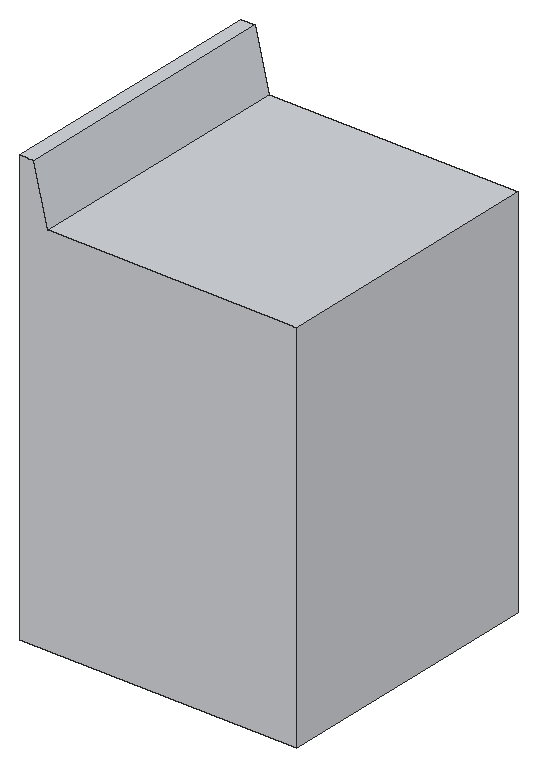
Revit family "M_Máquina de lavar", category Peças hidrossanitárias, Revit 2019
Family settings
  Cota do conector redondo = Usar raio
  Tipo de parte = Normal
  Número OmniClass = 23.45.70.11.11.11
  Título OmniClass = Washing Machines
  ID de item do Seek = Washing Machine-0000-CAN-ENU
  Com base no plano de trabalho = Não
  Sempre na vertical = Sim
  Corte com vazios quando carregada = Não
  Compartilhado = Não
  Ponto de cálculo do ambiente = Não
Parameters (values of type "660 mmx660 mm - Público")
  Raio do sanitário = 25 mm
  Diâmetro do sanitário = Raio do sanitário * 2  # 50 mm
  Material da máquina de lavar = none
  Largura da máquina de lavar = 660 mm
  Comprimento da máquina de lavar = 660 mm
  Altura da máquina de lavar = 900 mm
  WFU = 3
  Voltagem = 120 V
  Número de pólos = 1
  Classificação de carga = Secador de roupas elétrico
  Raio da água quente = 12.5 mm
  Diâmetro da água quente = Raio da água quente * 2  # 25 mm
  Largura de meia máquina de lavar = Largura da máquina de lavar / 2  # 330 mm
  HWFU = 2.25
  Pressão do fluxo [instance] = 55158.0 Pa
  Raio da água gelada = 12.5 mm
  Diâmetro da água gelada = Raio da água gelada * 2  # 25 mm
  CWFU = 2.25
  Carga aparente = 600 VA
Types (5, lengths in mm): name | Largura da máquina de lavar | WFU | Largura de meia máquina de lavar | HWFU | CWFU
  (no name) | 660 | 3 | 330 | 2.25 | 2.25
  660 mmx660 mm - Público | 660 | 3 | 330 | 2.25 | 2.25
  660 mmx760 mm - Privado | 760 | 2 | 380 | 1 | 1
  660 mmx660 mm - Privado | 660 | 2 | 330 | 1 | 1
  660 mmx760 mm - Público | 760 | 3 | 380 | 2.25 | 2.25
Reference planes
  plane 1 "Centro (Frente/Trás)": y = 0
  plane 2: z = 0
  plane 3 "Centro (Esquerda/Direita)": x = 0
  plane 4: y = 330
  plane 5: y = -330
  plane 6: x = 660
  plane 7: x = 33.338
  plane 8: x = 65.881
  plane 9: z = 900
  plane 10: z = 1037.319
Forms (mm)
  Extrusion 1, solid, material <- "Material da máquina de lavar"
    sketch origin (0, 0, 0) x (1, 0, 0) y (0, 0, 1)
      loop
        line (660, 900) -> (65.881, 900) -> (33.338, 1037.319) -> (0, 1037.319) -> (0, 0) -> (660, 0) -> (660, 900)
    from -330 to 330
Dimensions and locks
  "Largura de meia máquina de lavar": plane 4 to plane 1 "Centro (Frente/Trás)"
  "Largura de meia máquina de lavar": plane 5 to plane 1 "Centro (Frente/Trás)"
  "Comprimento da máquina de lavar": plane 3 "Centro (Esquerda/Direita)" to plane 6
  locked: plane 3 "Centro (Esquerda/Direita)" to plane 7 at 33.337
  locked: plane 7 to plane 8 at 32.544
  "Altura da máquina de lavar": plane 2 to plane 9
  locked: plane 10 to plane 9 at 137.319
  locked: plane 1 "Centro (Frente/Trás)" to connector elem at 101.6
  locked: plane 9 to connector elem at 304.8  (x2)
  locked: connector elem to plane 1 "Centro (Frente/Trás)" at 101.6
  locked: level to connector elem at 101.6
  connector elem to plane 9 = 798.4 mm
  locked: connector elem to plane 1 "Centro (Frente/Trás)" at 231.775
  aligned and locked: plane 6 to Extrusion 1 sketch curve
  aligned and locked: plane 9 to Extrusion 1 sketch curve
  aligned and locked: Extrusion 1 sketch curve to plane 3 "Centro (Esquerda/Direita)"
  aligned and locked: plane 10 to Extrusion 1 sketch curve
  aligned and locked: plane 7 to Extrusion 1 sketch curve
  aligned and locked: plane 8 to Extrusion 1 sketch curve
  aligned and locked: Extrusion 1 to plane 5
  aligned and locked: plane 4 to Extrusion 1
Automatic sketch dimensions
  Extrusion 1 sketch curve to level = 0 mm
Connectors
  piping at (0, 101.6, 595.2), diameter 25, driven by "Raio da água gelada", driven by "CWFU", driven by "Pressão do fluxo"
    settings: on plane 3 "Centro (Esquerda/Direita)", index 1, connector inside diameter 25 mm, connector length 0 mm, flow factor 0, pipe flow 0.0 L/s, pressure drop 55158.0 Pa, fitting loss kfactor 0, connector angle 0.00°, fixture units 2.25, engagement length 0 mm, angle of deflection 0.00°, flow configuration 3, flow direction 1, fitting loss method 4, system type 20, joint type 0, gender type 0, connector reference index -1, connector utility 0, adjustable connector no, is connector primary yes, connector description "In"
  piping at (0, -101.6, 595.2), diameter 25, driven by "Raio da água quente", driven by "Pressão do fluxo", driven by "HWFU"
    settings: on plane 3 "Centro (Esquerda/Direita)", index 2, connector inside diameter 25 mm, connector length 0 mm, flow factor 0, pipe flow 0.0 L/s, pressure drop 55158.0 Pa, fitting loss kfactor 0, connector angle 0.00°, fixture units 2.25, engagement length 0 mm, angle of deflection 0.00°, flow configuration 3, flow direction 1, fitting loss method 4, system type 19, joint type 0, gender type 0, connector reference index -1, connector utility 0, adjustable connector no, is connector primary no, connector description "In"
  piping at (0, 0, 101.6), diameter 50, driven by "WFU", driven by "Raio do sanitário"
    settings: on plane 3 "Centro (Esquerda/Direita)", index 3, connector inside diameter 50 mm, connector length 0 mm, flow factor 0, pipe flow 0.0 L/s, pressure drop 0.0 Pa, fitting loss kfactor 0, connector angle 0.00°, fixture units 3, engagement length 0 mm, angle of deflection 0.00°, flow configuration 3, flow direction 2, fitting loss method 0, system type 16, joint type 0, gender type 0, connector reference index -1, connector utility 0, adjustable connector yes, is connector primary no, connector description "Saída"
  electrical at (0, -231.775, 101.6), driven by "Voltagem", driven by "Carga aparente", driven by "Número de pólos", driven by "Carga aparente", driven by "Classificação de carga"
    settings: on plane 3 "Centro (Esquerda/Direita)", index 4, voltage 120 V, apparent load 600 VA, apparent load phase1 600 VA, apparent load phase2 0 VA, apparent load phase3 0 VA, power factor 0.8, load classification "Secador de roupas elétrico", number of poles 1, system type 30, power factor state 1, is connector primary yes, connector utility no, sub classification motor no, connector description ""
